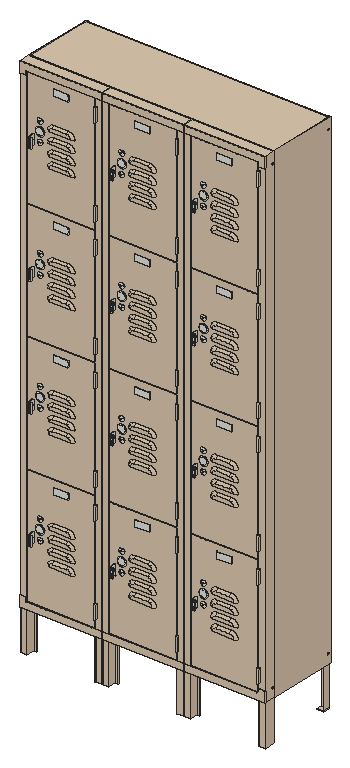
Revit family "Metal_Lockers-Salsbury_Industries-64000_Series-3_Wide_Units", category Specialty Equipment, Revit 2016 (continued)
Definition of nested family "Metal Locker Zee Base-Left Side"
  Dimensions and locks (in)
    locked: plane 4 "Floor" to plane 9 "Bottom Edge of Enclosure" at 0.06
    aligned and locked: level to plane 2
    aligned and locked: plane 10 "Left Edge of Base" to Extrusion 1
  Automatic sketch dimensions
    plane 8 "Right Edge of Enclosure" to Extrusion 1 sketch curve = 0.000"
    Extrusion 1 sketch curve to plane 6 "Right Side of Unit" = 0.000"  (x2)
    plane 7 "Left Edge of Enclosure" to Extrusion 1 sketch curve = 0.000"
    Extrusion 1 sketch curve to plane 10 "Left Edge of Base" = 0.000"
    Extrusion 1 sketch curve to Extrusion 1 sketch curve = 0.060"
    plane 7 "Left Edge of Enclosure" to Extrusion 1 sketch curve = 0.060"
    plane 10 "Left Edge of Base" to Extrusion 1 sketch curve = 0.060"
    plane 5 "Top of Enclosure" to Extrusion 2 sketch curve = 0.000"
    Extrusion 2 sketch curve to Extrusion 2 sketch curve = 0.060"
    Extrusion 2 sketch curve to plane 7 "Left Edge of Enclosure" = 1.24133"
    plane 8 "Right Edge of Enclosure" to Extrusion 2 sketch curve = 1.250"
Definition of nested family "Metal Locker Zee Base Corner"
  Parameters (values of type "77572, 77575, 77578")
    Width = 2.000"
    Visible = yes
    Version = "1.0 (11/30/15)"
    Type Comments = "Zee Base Kit for Standard Metal Lockers - No Legs"
    Primary Structure Material = none
    Model = "n/a"
    Manufacturer = "Salsbury Industries"
    Height = 3.940"
    Description = "4\" H x 6' L - for 12\" Deep Lockers (Includes 6 Foot Front Base, 2 End Bases, Corner Splicer and 4 Rear Legs)"
    Depth = 2.000"
  Types (2): name | Visible
    77572, 77575, 77578 | yes
    None | no
  Reference planes (in)
    plane 1 "Center (Front/Back)": y = 0
    plane 2 "Bottom of Component": z = 0
    plane 3 "Center (Left/Right)": x = 0
    plane 4: z = 3.94
    plane 5: x = -1
    plane 6: x = 1
    plane 7 "Front": y = -1
    plane 8 "Back": y = 1
  Forms (in)
    Extrusion 1, solid, material <- "Primary Structure Material", visible <- "Visible"
      sketch origin (0, 0, 0) x (1, 0, 0) y (0, 1, 0)
        loop
          line (-1, 1) -> (-1, 0.94) -> (0.94, 0.94) -> (0.94, -1) -> (1, -1) -> (1, 1) -> (-1, 1)
      from 0 to 3.94
  Dimensions and locks (in)
    "Height": plane 4 to plane 2 "Bottom of Component"
    equal spacing: plane 5, plane 3 "Center (Left/Right)", plane 6
    "Width": plane 5 to plane 6
    equal spacing: plane 7 "Front", plane 1 "Center (Front/Back)", plane 8 "Back"
    "Depth": plane 7 "Front" to plane 8 "Back"
    aligned and locked: plane 2 "Bottom of Component" to level
  Automatic sketch dimensions
    Extrusion 1 sketch curve to plane 5 = 0.000"
    plane 7 "Front" to Extrusion 1 sketch curve = 0.000"
    Extrusion 1 sketch curve to plane 6 = 0.000"
    plane 8 "Back" to Extrusion 1 sketch curve = 0.000"
    plane 6 to Extrusion 1 sketch curve = 0.060"
    Extrusion 1 sketch curve to Extrusion 1 sketch curve = 0.060"
Definition of nested family "Metal Locker End Panel"
  Parameters (values of type "77362 - for 6' H x 12" D Lockers")
    Width = 0.925"
    Visible = yes
    Version = "1.0 (11/30/15)"
    Type Comments = "Finished End Panel for Standard Metal Lockers"
    Primary Structure Material = none
    Model = "77362"
    MasterFormat Title = ""
    MasterFormat Number = ""
    Manufacturer = "Salsbury Industries"
    Height = 72.000"
    Description = "End Panel for 6' H x 12\" Deep Lockers"
    Depth = 12.010"
    Assembly Code = ""
  Types (7): name | Visible | Model | Height | Description | Depth
    77362 - for 6' H x 12" D Lockers | yes | "77362" | 72.000" | "End Panel for 6' H x 12\" Deep Lockers" | 12.010"
    77365 - for 6' H x 15" D Lockers | yes | "77365" | 72.000" | "End Panel for 6' H x 15\" Deep Lockers" | 15.010"
    77368 - for 6' H X 18" D Lockers | yes | "77368" | 72.000" | "End Panel for 6' H x 18\" Deep Lockers" | 18.010"
    77352 - for 5' H x 12" D Lockers | yes | "77352" | 60.000" | "End Panel for 5' H x 12\" Deep Lockers" | 12.010"
    77355 - for 5' H x 15" D Lockers | yes | "77355" | 60.000" | "End Panel for 5' H x 15\" Deep Lockers" | 15.010"
    77358 - for 5' H x 18" D Lockers | yes | "77358" | 60.000" | "End Panel for 5' H x 18\" Deep Lockers" | 18.010"
    None | no | "n/a" | 72.000" | "" | 12.010"
  Reference planes (in)
    plane 1 "Center (Front/Back)": y = -2.167
    plane 2: z = 0
    plane 3 "Center (Left/Right)": x = -4.595
    plane 4 "Bottom of Panel": z = 0
    plane 5 "Top of Panel": z = 72
    plane 6 "Front of Panel": y = -8.172
    plane 7 "Right Side of Enclosure": x = -4.1325
    plane 8 "Left Side of Enclosure": x = -5.0575
    plane 9 "Back of Panel": y = 3.838
    plane 10: z = 36
    plane 11: z = 70.283
    plane 12: z = 1.717
    plane 13 "Outside Edge of Front Flap": y = -8.23214
    plane 14 "Outside Edge of Back Flap": y = 3.898
  Forms (in)
    Extrusion 1, solid, material <- "Primary Structure Material", visible <- "Visible"
      sketch origin (-4.1325, 0.48244, 0) x (0, 0, -1) y (0, -1, 0)
        loop
          line (-72, 8.71458) -> (-72, -3.41556) -> (0, -3.41556) -> (0, 8.71458) -> (-72, 8.71458)
      from 0 to -0.06
    Extrusion 2, solid, material <- "Primary Structure Material", visible <- "Visible"
      sketch origin (0, 3.838, 0) x (0, 0, -1) y (1, 0, 0)
        loop
          line (-72, -5.0575) -> (0, -5.0575) -> (0, -4.1325) -> (-72, -4.1325) -> (-72, -5.0575)
      from 0 to -0.06
    Extrusion 3, solid, material <- "Primary Structure Material", visible <- "Visible"
      sketch origin (0, -8.172, 0) x (1, 0, 0) y (0, 0, 1)
        loop
          line (-5.0575, 70.283) -> (-5.0575, 1.717) -> (-4.1325, 1.717) -> (-4.1325, 70.283) -> (-5.0575, 70.283)
      from 0.06014 to 0
  Dimensions and locks (in)
    equal spacing: plane 6 "Front of Panel", plane 1 "Center (Front/Back)", plane 9 "Back of Panel"
    "Depth": plane 6 "Front of Panel" to plane 9 "Back of Panel"
    equal spacing: plane 8 "Left Side of Enclosure", plane 3 "Center (Left/Right)", plane 7 "Right Side of Enclosure"
    "Width": plane 8 "Left Side of Enclosure" to plane 7 "Right Side of Enclosure"
    equal spacing: plane 5 "Top of Panel", plane 10, plane 2
    "Height": plane 5 "Top of Panel" to plane 2
    locked: plane 5 "Top of Panel" to plane 11 at 1.717
    locked: plane 13 "Outside Edge of Front Flap" to plane 6 "Front of Panel" at 0.06014
    locked: plane 9 "Back of Panel" to plane 14 "Outside Edge of Back Flap" at 0.06
    aligned and locked: level to plane 2
    aligned and locked: plane 5 "Top of Panel" to Extrusion 1 sketch curve
    aligned and locked: plane 5 "Top of Panel" to Extrusion 2 sketch curve
    aligned and locked: Extrusion 2 to plane 9 "Back of Panel"
    aligned and locked: plane 11 to Extrusion 3 sketch curve
    aligned and locked: plane 6 "Front of Panel" to Extrusion 3
    aligned and locked: plane 14 "Outside Edge of Back Flap" to Extrusion 2
    aligned and locked: Extrusion 1 to plane 14 "Outside Edge of Back Flap"
    aligned and locked: plane 13 "Outside Edge of Front Flap" to Extrusion 3
    aligned and locked: Extrusion 2 to plane 7 "Right Side of Enclosure"
    aligned and locked: Extrusion 3 to plane 7 "Right Side of Enclosure"
  Automatic sketch dimensions
    Extrusion 1 sketch curve to level = 0.000"
    Extrusion 2 sketch curve to level = 0.000"
    plane 8 "Left Side of Enclosure" to Extrusion 2 sketch curve = 0.000"
    plane 7 "Right Side of Enclosure" to Extrusion 2 sketch curve = 0.000"
    plane 8 "Left Side of Enclosure" to Extrusion 3 sketch curve = 0.000"
    Extrusion 3 sketch curve to plane 12 = 0.000"
    plane 7 "Right Side of Enclosure" to Extrusion 3 sketch curve = 0.000"
    Extrusion 1 sketch curve to plane 14 "Outside Edge of Back Flap" = 0.000"
    plane 6 "Front of Panel" to Extrusion 1 sketch curve = 0.06014"
Definition of nested family "Metal Locker Front Filler"
  Parameters (values of type "77869 - for 6' H Lockers (Zee Base or No Legs)")
    Width = 9.000"
    Visible = yes
    Version = "1.0 (11/30/15)"
    Type Comments = "Vertical Front Filler for Standard Metal Lockers"
    Primary Structure Material = none
    Model = "77865"
    MasterFormat Title = ""
    MasterFormat Number = ""
    Manufacturer = "Salsbury Industries"
    Height = 72.000"
    Description = "9\" W Vertical Front Filler for 6' H Lockers"
    Depth = 1.500"
    Assembly Code = ""
  Types (9): name | Width | Visible | Model | Height | Description | Depth
    77865 - for 6' H Lockers with Legs | 15.000" | yes | "77865" | 78.000" | "15\" W Vertical Front Filler for 6' H Lockers" | 1.000"
    77869 - for 6' H Lockers with Legs | 9.000" | yes | "77865" | 78.000" | "9\" W Vertical Front Filler for 6' H Lockers" | 1.000"
    77855 - for 5' H Lockers with Legs | 15.000" | yes | "77855" | 66.000" | "15\" W Vertical Front Filler for 5' H Lockers" | 1.000"
    77859 - for 5' H Lockers with Legs | 9.000" | yes | "77859" | 66.000" | "9\" W Vertical Front Filler for 5' H Lockers" | 1.000"
    None | 15.000" | no | "n/a" | 78.000" | "" | 1.500"
    77865 - for 6' H Lockers (Zee Base or No Legs) | 15.000" | yes | "77865" | 72.000" | "15\" W Vertical Front Filler for 6' H Lockers" | 1.000"
    77869 - for 6' H Lockers (Zee Base or No Legs) | 9.000" | yes | "77865" | 72.000" | "9\" W Vertical Front Filler for 6' H Lockers" | 1.500"
    77859 - for 5' H Lockers (Zee Base or No Legs) | 9.000" | yes | "77859" | 60.000" | "9\" W Vertical Front Filler for 5' H Lockers" | 1.000"
    77855 - for 5' H Lockers (Zee Base or No Legs) | 15.000" | yes | "77855" | 60.000" | "15\" W Vertical Front Filler for 5' H Lockers" | 1.000"
  Reference planes (in)
    plane 1 "Center (Front/Back)": y = -2.167
    plane 2: z = 0
    plane 3 "Center (Left/Right)": x = -4.595
    plane 4 "Bottom of Filler": z = 0
    plane 5 "Top of Panel": z = 72
    plane 6 "Front of Filler": y = -2.917
    plane 7 "Right Side of Filler": x = -0.095
    plane 8 "Left Side of Filler": x = -9.095
    plane 9 "Back of Filler": y = -1.417
    plane 10: z = 36
  Forms (in)
    Extrusion 1, solid, material <- "Primary Structure Material", visible <- "Visible"
      sketch origin (0, 0, 0) x (0, -1, 0) y (1, 0, 0)
        loop
          line (1.417, -9.095) -> (2.917, -9.095) -> (2.917, -1.095) -> (2.869, -1.095) -> (2.869, -9.047) -> (1.417, -9.047) -> (1.417, -9.095)
      from 0 to 72
    Extrusion 2, solid, material <- "Primary Structure Material", visible <- "Visible"
      sketch origin (0, -0.20425, 0) x (0, -1, 0) y (1, 0, 0)
        loop
          line (1.30875, -0.095) -> (1.30875, -0.143) -> (2.76075, -0.143) -> (2.76075, -1.595) -> (2.80875, -1.595) -> (2.80875, -0.095) -> (1.30875, -0.095)
      from 0 to 72
    Extrusion 3, solid, material <- "Primary Structure Material", visible <- "Visible"
      sketch origin (0, 0.10825, 0) x (0, -1, 0) y (1, 0, 0)
        loop
          line (3.07325, -1.595) -> (3.07325, -0.82524) -> (3.02525, -0.82524) -> (3.02525, -1.376) -> (3.02525, -1.449) -> (3.02525, -1.522) -> (3.02525, -1.595) -> (3.07325, -1.595)
      from 0 to 72
    Extrusion 4, solid, material <- "Primary Structure Material", visible <- "Visible"
      sketch origin (0, 0, 0) x (0, -1, 0) y (1, 0, 0)
        loop
          line (2.917, -0.82524) -> (2.821, -0.82524) -> (2.821, -1.80024) -> (2.869, -1.80024) -> (2.869, -0.87324) -> (2.917, -0.87324) -> (2.917, -0.82524)
      from 0 to 72
  Dimensions and locks (in)
    equal spacing: plane 6 "Front of Filler", plane 1 "Center (Front/Back)", plane 9 "Back of Filler"
    "Depth": plane 6 "Front of Filler" to plane 9 "Back of Filler"
    equal spacing: plane 8 "Left Side of Filler", plane 3 "Center (Left/Right)", plane 7 "Right Side of Filler"
    "Width": plane 8 "Left Side of Filler" to plane 7 "Right Side of Filler"
    equal spacing: plane 5 "Top of Panel", plane 10, plane 2
    "Height": plane 5 "Top of Panel" to plane 2
    aligned and locked: level to plane 2
    aligned and locked: Extrusion 1 to plane 5 "Top of Panel"
    aligned and locked: Extrusion 2 to plane 5 "Top of Panel"
    aligned and locked: Extrusion 3 to plane 5 "Top of Panel"
    aligned and locked: Extrusion 4 to plane 5 "Top of Panel"
  Automatic sketch dimensions
    plane 9 "Back of Filler" to Extrusion 1 sketch curve = 0.000"
    plane 6 "Front of Filler" to Extrusion 1 sketch curve = 0.000"
    Extrusion 1 sketch curve to plane 8 "Left Side of Filler" = 0.000"
    Extrusion 1 sketch curve to plane 6 "Front of Filler" = 0.048"
    Extrusion 1 sketch curve to Extrusion 1 sketch curve = 0.048"
    plane 7 "Right Side of Filler" to Extrusion 1 sketch curve = 1.000"
    Extrusion 2 sketch curve to plane 7 "Right Side of Filler" = 0.000"
    plane 7 "Right Side of Filler" to Extrusion 2 sketch curve = 0.048"
    plane 9 "Back of Filler" to Extrusion 2 sketch curve = 0.096"
    plane 6 "Front of Filler" to Extrusion 2 sketch curve = 0.048"
    Extrusion 2 sketch curve to Extrusion 2 sketch curve = 0.048"
    Extrusion 2 sketch curve to Extrusion 2 sketch curve = 1.452"
    plane 6 "Front of Filler" to Extrusion 3 sketch curve = 0.000"
    plane 7 "Right Side of Filler" to Extrusion 3 sketch curve = 1.500"
    Extrusion 3 sketch curve to Extrusion 3 sketch curve = 0.073"  (x3)
    Extrusion 3 sketch curve to Extrusion 3 sketch curve = 0.55076"
    Extrusion 3 sketch curve to Extrusion 3 sketch curve = 0.048"
    plane 6 "Front of Filler" to Extrusion 4 sketch curve = 0.000"
    Extrusion 4 sketch curve to plane 6 "Front of Filler" = 0.048"
    Extrusion 4 sketch curve to Extrusion 4 sketch curve = 0.048"  (x2)
    plane 7 "Right Side of Filler" to Extrusion 4 sketch curve = 1.70524"
    plane 7 "Right Side of Filler" to Extrusion 4 sketch curve = 0.77824"
Definition of nested family "Metal Locker Flat Top Filler"
  Parameters (values of type "77842 - for 12" Deep Lockers (15" W)")
    Width = 16.250"
    Visible = yes
    Version = "1.0 (11/30/15)"
    Type Comments = "Flat Top Filler for Standard Metal Lockers"
    Primary Structure Material = none
    Model = "77842"
    MasterFormat Title = ""
    MasterFormat Number = ""
    Manufacturer = "Salsbury Industries"
    Height = 1.003"
    Description = "15\"W Flat Top In-Line Filler"
    Depth = 12.118"
    Assembly Code = ""
  Types (7): name | Width | Visible | Model | Depth
    77842 - for 12" Deep Lockers (15" W) | 16.250" | yes | "77842" | 12.118"
    77842 - for 12" Deep Lockers (9" W) | 10.250" | yes | "77842" | 12.118"
    77845 - for 15" Deep Lockers (15" W) | 16.250" | yes | "77845" | 15.118"
    77845 - for 15" Deep Lockers (9" W) | 10.250" | yes | "77845" | 15.118"
    77848 - for 18" Deep Lockers (15" W) | 16.250" | yes | "77848" | 18.118"
    77848 - for 18" Deep Lockers (9" W) | 10.250" | yes | "77848" | 18.118"
    None | 16.250" | no | "" | 12.118"
  Reference planes (in)
    plane 1 "Center (Front/Back)": y = -2.167
    plane 2: z = 0
    plane 3 "Center (Left/Right)": x = -4.595
    plane 4 "Bottom of Panel": z = 0
    plane 5 "Top of Panel": z = 1.003
    plane 6 "Front of Panel": y = -8.226
    plane 7 "Right Side of Enclosure": x = 3.53
    plane 8 "Left Side of Enclosure": x = -12.72
    plane 9 "Back of Panel": y = 3.892
    plane 10: z = 0.5015
  Forms (in)
    Extrusion 1, solid, material <- "Primary Structure Material", visible <- "Visible"
      sketch origin (-4.595, 0, 0) x (0, 1, 0) y (0, 0, 1)
        loop
          line (-8.226, 0) -> (-8.178, 0) -> (-8.178, 0.955) -> (3.892, 0.955) -> (3.892, 1.003) -> (-8.226, 1.003) -> (-8.226, 0)
      from -8.125 to 8.125
  Dimensions and locks (in)
    equal spacing: plane 6 "Front of Panel", plane 1 "Center (Front/Back)", plane 9 "Back of Panel"
    "Depth": plane 6 "Front of Panel" to plane 9 "Back of Panel"
    equal spacing: plane 8 "Left Side of Enclosure", plane 3 "Center (Left/Right)", plane 7 "Right Side of Enclosure"
    "Width": plane 8 "Left Side of Enclosure" to plane 7 "Right Side of Enclosure"
    equal spacing: plane 5 "Top of Panel", plane 10, plane 2
    "Height": plane 5 "Top of Panel" to plane 2
    aligned and locked: level to plane 2
    aligned and locked: Extrusion 1 to plane 7 "Right Side of Enclosure"
    aligned and locked: plane 8 "Left Side of Enclosure" to Extrusion 1
    aligned and locked: plane 6 "Front of Panel" to Extrusion 1
    aligned and locked: Extrusion 1 to plane 9 "Back of Panel"
  Automatic sketch dimensions
    plane 5 "Top of Panel" to Extrusion 1 sketch curve = 0.000"
    Extrusion 1 sketch curve to plane 6 "Front of Panel" = 0.000"
    Extrusion 1 sketch curve to level = 0.000"
    Extrusion 1 sketch curve to plane 9 "Back of Panel" = 0.000"
    Extrusion 1 sketch curve to plane 6 "Front of Panel" = 0.048"
    plane 5 "Top of Panel" to Extrusion 1 sketch curve = 0.048"
Definition of nested family "Metal Locker Flat Corner Filler"
  Parameters (values of type "77832 - for 12" Deep Lockers")
    Width = 12.625"
    Visible = yes
    Version = "1.0 (11/30/15)"
    Type Comments = "Flat Top Corner Filler for Standard Metal Lockers"
    Primary Structure Material = none
    Model = "77832"
    MasterFormat Title = ""
    MasterFormat Number = ""
    Manufacturer = "Salsbury Industries"
    Height = 0.048"
    Description = "12\"W Flat Top Corner Filler"
    Depth = 12.625"
    Assembly Code = ""
  Types (4): name | Width | Visible | Model | Description | Depth
    77832 - for 12" Deep Lockers | 12.625" | yes | "77832" | "12\"W Flat Top Corner Filler" | 12.625"
    77835 - for 15" Deep Lockers | 15.625" | yes | "77835" | "15\"W Flat Top Corner Filler" | 15.625"
    77838 - for 18" Deep Lockers | 18.625" | yes | "77838" | "18\"W Flat Top Corner Filler" | 18.625"
    None | 12.625" | no | "" | "" | 12.625"
  Reference planes (in)
    plane 1 "Center (Front/Back)": y = -2.167
    plane 2: z = 0
    plane 3 "Center (Left/Right)": x = -4.595
    plane 4 "Bottom of Panel": z = 0
    plane 5 "Top of Panel": z = 0.048
    plane 6 "Front of Panel": y = -8.4795
    plane 7 "Right Side of Enclosure": x = 1.7175
    plane 8 "Left Side of Enclosure": x = -10.9075
    plane 9 "Back of Panel": y = 4.1455
    plane 10: z = 0.024
  Forms (in)
    Extrusion 1, solid, material <- "Primary Structure Material", visible <- "Visible"
      sketch origin (0, 0, 0) x (0, -1, 0) y (1, 0, 0)
        loop
          line (7.8545, -10.9075) -> (7.8545, -10.2825) -> (8.4795, -10.2825) -> (8.4795, 1.7175) -> (-4.1455, 1.7175) -> (-4.1455, -10.9075) -> (7.8545, -10.9075)
      from 0 to 0.048
  Dimensions and locks (in)
    equal spacing: plane 6 "Front of Panel", plane 1 "Center (Front/Back)", plane 9 "Back of Panel"
    "Depth": plane 6 "Front of Panel" to plane 9 "Back of Panel"
    equal spacing: plane 8 "Left Side of Enclosure", plane 3 "Center (Left/Right)", plane 7 "Right Side of Enclosure"
    "Width": plane 8 "Left Side of Enclosure" to plane 7 "Right Side of Enclosure"
    equal spacing: plane 5 "Top of Panel", plane 10, plane 2
    "Height": plane 5 "Top of Panel" to plane 2
    aligned and locked: level to plane 2
    aligned and locked: Extrusion 1 to plane 9 "Back of Panel"
    aligned and locked: plane 6 "Front of Panel" to Extrusion 1
    aligned and locked: Extrusion 1 to plane 7 "Right Side of Enclosure"
    aligned and locked: plane 8 "Left Side of Enclosure" to Extrusion 1
  Automatic sketch dimensions
    Extrusion 1 sketch curve to plane 8 "Left Side of Enclosure" = 0.000"
    plane 9 "Back of Panel" to Extrusion 1 sketch curve = 0.000"
    plane 6 "Front of Panel" to Extrusion 1 sketch curve = 0.000"
    Extrusion 1 sketch curve to plane 7 "Right Side of Enclosure" = 0.000"
    Extrusion 1 sketch curve to plane 8 "Left Side of Enclosure" = 0.625"
    Extrusion 1 sketch curve to plane 6 "Front of Panel" = 0.625"
Definition of nested family "Metal Locker Sloping Top Filler"
  Parameters (values of type "77882 - for 12" Deep Lockers (15" W)")
    Width = 16.250"
    Visible = yes
    Version = "1.0 (11/30/15)"
    Type Comments = "Sloping Hood In-Line Filler for Standard Metal Lockers"
    Slope Angle = 28.761°
    Primary Structure Material = none
    Model = "77882"
    MasterFormat Title = ""
    MasterFormat Number = ""
    Manufacturer = "Salsbury Industries"
    Height = 1.003"
    Description = "15\"W Sloping Hood In-Line Filler"
    Depth = 12.118"
    Assembly Code = ""
  Types (7): name | Width | Visible | Type Comments | Slope Angle | Model | Description | Depth
    77882 - for 12" Deep Lockers (15" W) | 16.250" | yes | "Sloping Hood In-Line Filler for Standard Metal Lockers" | 28.761° | "77882" | "15\"W Sloping Hood In-Line Filler" | 12.118"
    77882 - for 12" Deep Lockers (9" W) | 10.250" | yes | "Sloping Hood In-Line Filler for Standard Metal Lockers" | 28.761° | "77882" | "15\"W Sloping Hood In-Line Filler" | 12.118"
    77885 - for 15" Deep Lockers (15" W) | 16.250" | yes | "Sloping Hood In-Line Filler for Standard Metal Lockers" | 29.946° | "77885" | "15\"W Sloping Hood In-Line Filler" | 15.118"
    77885 - for 15" Deep Lockers (9" W) | 10.250" | yes | "Sloping Hood In-Line Filler for Standard Metal Lockers" | 29.946° | "77885" | "15\"W Sloping Hood In-Line Filler" | 15.118"
    77888 - for 18" Deep Lockers (15" W) | 16.250" | yes | "Sloping Hood In-Line Filler for Standard Metal Lockers" | 30.723° | "77888" | "15\"W Sloping Hood In-Line Filler" | 18.118"
    77888 - for 18" Deep Lockers (9" W) | 10.250" | yes | "Sloping Hood In-Line Filler for Standard Metal Lockers" | 30.723° | "77888" | "15\"W Sloping Hood In-Line Filler" | 18.118"
    None | 16.250" | no | "Sloping Hood for Standard Metal Lockers" | 28.761° | "" | "" | 12.118"
  Reference planes (in)
    plane 1 "Center (Front/Back)": y = -2.167
    plane 2: z = 0
    plane 3 "Center (Left/Right)": x = -4.595
    plane 4 "Bottom of Panel": z = 0
    plane 5 "Top of Panel": z = 1.003
    plane 6 "Front of Panel": y = -8.226
    plane 7 "Right Side of Enclosure": x = 3.53
    plane 8 "Left Side of Enclosure": x = -12.72
    plane 9 "Back of Panel": y = 3.892
    plane 10: z = 0.5015
    plane 11: through (0, -7.6072, 0.33964) normal (0, -0.4812, 0.8766)
    plane 12: through (0, -7.72698, 0.21914) normal (0, -0.4812, 0.8766)
  Forms (in)
    Extrusion 1, solid, material <- "Primary Structure Material", visible <- "Visible"
      sketch origin (-4.595, 0, 0) x (0, 1, 0) y (0, 0, 1)
        loop
          line (3.892, 6.65119) -> (-8.226, 0) -> (-8.226, -1.028) -> (-8.178, -1.028) -> (-8.178, -0.02841) -> (3.892, 6.59643) -> (3.892, 6.65119)
      from -8.125 to 8.125
  Dimensions and locks (in)
    equal spacing: plane 6 "Front of Panel", plane 1 "Center (Front/Back)", plane 9 "Back of Panel"
    "Depth": plane 6 "Front of Panel" to plane 9 "Back of Panel"
    equal spacing: plane 8 "Left Side of Enclosure", plane 3 "Center (Left/Right)", plane 7 "Right Side of Enclosure"
    "Width": plane 8 "Left Side of Enclosure" to plane 7 "Right Side of Enclosure"
    equal spacing: plane 5 "Top of Panel", plane 10, plane 2
    "Height": plane 5 "Top of Panel" to plane 2
    locked: plane 11 to plane 12 at 0.048
    "Slope Angle": angle plane 4 "Bottom of Panel" to plane 11
    aligned and locked: level to plane 2
    aligned and locked: plane 11 to Extrusion 1 sketch curve
    aligned and locked: plane 12 to Extrusion 1 sketch curve
    aligned and locked: Extrusion 1 to plane 7 "Right Side of Enclosure"
    aligned and locked: plane 8 "Left Side of Enclosure" to Extrusion 1
  Automatic sketch dimensions
    Extrusion 1 sketch curve to plane 6 "Front of Panel" = 0.000"
    Extrusion 1 sketch curve to Extrusion 1 sketch curve = 0.99959"
    Extrusion 1 sketch curve to level = 0.02841"
    Extrusion 1 sketch curve to plane 9 "Back of Panel" = 0.000"
Definition of nested family "Metal Locker Sloping Corner Filler"
  Parameters (values of type "77872 - for 12" Deep Lockers")
    Width = 12.695"
    Visible = yes
    Version = "1.0 (11/30/15)"
    Type Comments = "Sloping Hood Corner Filler for Standard Metal Lockers"
    Slope Angle 2 = 28.761°
    Slope Angle 1 = 28.761°
    Primary Structure Material = none
    Model = "77872"
    MasterFormat Title = ""
    MasterFormat Number = ""
    Manufacturer = "Salsbury Industries"
    Height = 6.87897"
    Description = "12\"D Sloping Hood Corner Filler"
    Depth = 12.695"
    Assembly Code = ""
  Types (4): name | Width | Visible | Slope Angle 2 | Slope Angle 1 | Model | Description | Depth
    77872 - for 12" Deep Lockers | 12.695" | yes | 28.761° | 28.761° | "77872" | "12\"D Sloping Hood Corner Filler" | 12.695"
    77875 - for 15" Deep Lockers | 15.695" | yes | 29.946° | 29.946° | "77875" | "15\"D Sloping Hood Corner Filler" | 15.695"
    77878 - for 18" Deep Lockers | 18.695" | yes | 30.723° | 30.723° | "77878" | "18\"D Sloping Hood Corner Filler" | 18.695"
    None | 12.695" | no | 28.723° | 28.723° | "" | "" | 12.695"
  Reference planes (in)
    plane 1 "Center (Front/Back)": y = -2.167
    plane 2: z = 0
    plane 3 "Center (Left/Right)": x = -4.595
    plane 4 "Bottom of Panel": z = 0
    plane 5 "Top of Panel": z = 6.87897
    plane 6 "Front of Panel": y = -8.5145
    plane 7 "Right Side of Enclosure": x = 1.7525
    plane 8 "Left Side of Enclosure": x = -10.9425
    plane 9 "Back of Panel": y = 4.1805
    plane 10 "Center Top/Bottom": z = 3.43948
    plane 11 "Slope 1": through (0, -7.42276, 0.59922) normal (0, -0.4812, 0.8766)
    plane 12: through (0, -7.54254, 0.47872) normal (0, -0.4812, 0.8766)
    plane 13 "Diagonal Plane": through (-10.86131, 4.09969, 48) normal (0.7071, 0.7071, 0)
    plane 14 "Cutout Plane 1": y = -7.8895
    plane 15 "Cutout Plane 2": x = 1.1275
    plane 16 "Slope 2": through (1.43902, -180, 0.17206) normal (-0.4812, 0, -0.8766)
    plane 17: through (5.04554, -180, -1.86199) normal (-0.4812, 0, -0.8766)
  Forms (in)
    Extrusion 1, solid, material <- "Primary Structure Material", visible <- "Visible"
      sketch origin (-4.595, 0, 0) x (0, 1, 0) y (0, 0, 1)
        loop
          line (-7.8895, 0.28829) -> (4.1805, 6.91313) -> (4.1805, 6.96789) -> (-7.8895, 0.34304) -> (-7.8895, 0.28829)
      from -6.3475 to 6.3475
    Extrusion 2, void
      sketch origin (0, 0, 3.43948) x (1, 0, 0) y (0, 1, 0)
        loop
          line (1.75288, -8.5145) -> (-10.9425, 4.18088) -> (-10.9425, -8.5145) -> (1.75288, -8.5145)
      from -3.43948 to 8.2673
    Extrusion 3, solid, material <- "Primary Structure Material", visible <- "Visible"
      sketch origin (0, -2.167, 0) x (1, 0, 0) y (0, 0, 1)
        loop
          line (1.1275, 0.2885) -> (1.1275, 0.34304) -> (-10.9425, 6.96789) -> (-10.9425, 6.91334) -> (1.1275, 0.2885)
      from -6.3475 to 6.3475
    Extrusion 4, void
      sketch origin (-4.595, 0, 0) x (0, 1, 0) y (0, 0, 1)
        loop
          line (4.1805, 0) -> (4.1805, 6.91313) -> (-8.41474, 0) -> (4.1805, 0)
      from -6.3475 to 6.3475
    Extrusion 5, solid, not visible
      sketch origin (1.1275, 0, 0) x (0, -1, 0) y (0, 0, 1)
        loop
          line (8.60982, 0.2885) -> (7.8895, 0.2885) -> (7.8895, 0) -> (8.60982, 0) -> (8.60982, 0.2885)
      from -0.72026 to 0
  Cuts and joins
    Extrusion 2, Extrusion 4 cuts Extrusion 1
    Extrusion 4 cuts Extrusion 3
  Dimensions and locks (in)
    equal spacing: plane 6 "Front of Panel", plane 1 "Center (Front/Back)", plane 9 "Back of Panel"
    "Depth": plane 6 "Front of Panel" to plane 9 "Back of Panel"
    equal spacing: plane 8 "Left Side of Enclosure", plane 3 "Center (Left/Right)", plane 7 "Right Side of Enclosure"
    "Width": plane 8 "Left Side of Enclosure" to plane 7 "Right Side of Enclosure"
    equal spacing: plane 5 "Top of Panel", plane 10 "Center Top/Bottom", plane 2
    "Height": plane 5 "Top of Panel" to plane 2
    locked: plane 11 "Slope 1" to plane 12 at 0.048
    locked: plane 15 "Cutout Plane 2" to plane 7 "Right Side of Enclosure" at 0.625
    locked: plane 6 "Front of Panel" to plane 14 "Cutout Plane 1" at 0.625
    locked: plane 17 to plane 16 "Slope 2" at 0.04782
    "Slope Angle 1": angle plane 4 "Bottom of Panel" to plane 11 "Slope 1"
    "Slope Angle 2": angle plane 16 "Slope 2" to plane 4 "Bottom of Panel"
    aligned and locked: level to plane 2
    aligned and locked: Extrusion 1 sketch curve to plane 14 "Cutout Plane 1"
    aligned and locked: plane 9 "Back of Panel" to Extrusion 1 sketch curve
    aligned and locked: Extrusion 1 sketch curve to plane 11 "Slope 1"
    aligned and locked: plane 12 to Extrusion 1 sketch curve
    aligned and locked: plane 8 "Left Side of Enclosure" to Extrusion 1
    aligned and locked: Extrusion 1 to plane 7 "Right Side of Enclosure"
    aligned and locked: plane 6 "Front of Panel" to Extrusion 2 sketch curve
    aligned and locked: plane 8 "Left Side of Enclosure" to Extrusion 2 sketch curve
    aligned and locked: plane 13 "Diagonal Plane" to Extrusion 2 sketch curve
    aligned and locked: plane 4 "Bottom of Panel" to cut or joined group of Extrusion 1, Extrusion 2, Extrusion 4
    aligned and locked: Extrusion 4 sketch curve to level
    aligned and locked: Extrusion 4 sketch curve to plane 9 "Back of Panel"
    aligned and locked: plane 12 to Extrusion 4 sketch curve
    aligned and locked: Extrusion 4 to plane 7 "Right Side of Enclosure"
    aligned and locked: plane 8 "Left Side of Enclosure" to Extrusion 4
    aligned and locked: cut or joined group of Extrusion 3, Extrusion 4 to plane 15 "Cutout Plane 2"
    aligned and locked: plane 6 "Front of Panel" to cut or joined group of Extrusion 3, Extrusion 4
    aligned and locked: cut or joined group of Extrusion 3, Extrusion 4 to plane 9 "Back of Panel"
    aligned and locked: Extrusion 3 sketch curve to plane 15 "Cutout Plane 2"
    aligned and locked: Extrusion 3 sketch curve to plane 16 "Slope 2"
    aligned and locked: plane 8 "Left Side of Enclosure" to Extrusion 3 sketch curve
    aligned and locked: plane 17 to Extrusion 3 sketch curve
  Automatic sketch dimensions
    Extrusion 5 sketch curve to plane 14 "Cutout Plane 1" = 0.000"
    Extrusion 5 sketch curve to level = 0.000"
    plane 6 "Front of Panel" to Extrusion 5 sketch curve = 0.09532"
    Extrusion 5 sketch curve to Extrusion 5 sketch curve = 0.2885"
Definition of nested family "Metal Locker Sloping Hood"
  Parameters (values of type "77752 - for 12" Deep Lockers (1 Wide)")
    Width = 12.040"
    Visible = yes
    Version = "1.0 (11/30/15)"
    Type Comments = "Sloping Hood for Standard Metal Lockers"
    Slope Angle = 28.761°
    Primary Structure Material = none
    Model = "77752"
    MasterFormat Title = ""
    MasterFormat Number = ""
    Manufacturer = "Salsbury Industries"
    Height = 6.625"
    Dividing Lines = no
    Description = "12\" Deep for up to (3) 12\" Wide Lockers"
    Depth = 12.070"
    Assembly Code = ""
  Types (12): name | Width | Visible | Slope Angle | Model | Height | Dividing Lines | Description | Depth
    77752 - for 12" Deep Lockers (1 Wide) | 12.040" | yes | 28.761° | "77752" | 6.625" | no | "12\" Deep for up to (3) 12\" Wide Lockers" | 12.070"
    77752 - for 12" Deep Lockers (3 Wide) | 36.040" | yes | 28.761° | "77752" | 6.625" | yes | "12\" Deep for up to (3) 12\" Wide Lockers" | 12.070"
    77755 - for 15" Deep Lockers (1 Wide) | 12.040" | yes | 29.946° | "77755" | 8.682" | no | "15\" Deep for up to (3) 12\" Wide Lockers" | 15.070"
    77755 - for 15" Deep Lockers (3 Wide) | 36.040" | yes | 29.946° | "77755" | 8.628" | yes | "15\" Deep for up to (3) 12\" Wide Lockers" | 15.070"
    77758 - for 18" Deep Lockers (1 Wide) | 12.040" | yes | 30.723° | "77758" | 10.739" | no | "18\" Deep for up to (3) 12\" Wide Lockers" | 18.070"
    77758 - for 18" Deep Lockers (3 Wide) | 36.040" | yes | 30.723° | "77758" | 10.739" | yes | "18\" Deep for up to (3) 12\" Wide Lockers" | 18.070"
    None | 12.000" | no | 28.761° | "" | 6.625" | no | "" | 12.070"
    77765 - for 15" Deep Lockers (1 Wide) | 15.040" | yes | 29.946° | "77752" | 6.625" | no | "12\" Deep for up to (3) 12\" Wide Lockers" | 15.070"
    77768 - for 18" Deep Lockers (1 Wide) | 15.040" | yes | 30.723° | "77752" | 6.625" | no | "12\" Deep for up to (3) 12\" Wide Lockers" | 18.070"
    77765 - for 15" Deep Lockers (3 Wide) | 45.040" | yes | 29.946° | "77752" | 6.625" | yes | "12\" Deep for up to (3) 12\" Wide Lockers" | 15.070"
    77768 - for 18" Deep Lockers (3 Wide) | 45.040" | yes | 30.723° | "77752" | 6.625" | yes | "12\" Deep for up to (3) 12\" Wide Lockers" | 18.070"
    77759 - for 18" Deep Bridge Lockers | 72.040" | yes | 30.723° | "77752" | 6.625" | no | "12\" Deep for up to (3) 12\" Wide Lockers" | 18.070"
  Reference planes (in)
    plane 1 "Center (Front/Back)": y = -2.167
    plane 2: z = 0
    plane 3 "Center (Left/Right)": x = -4.595
    plane 4 "Bottom of Panel": z = 0
    plane 5 "Top of Panel": z = 6.625
    plane 6 "Front of Panel": y = -8.202
    plane 7 "Right Side of Enclosure": x = 1.425
    plane 8 "Left Side of Enclosure": x = -10.615
    plane 9 "Back of Panel": y = 3.868
    plane 10: z = 3.3125
    plane 11: through (0, -7.81601, 0.21186) normal (0, -0.4812, 0.8766)
    plane 12: through (0, -7.94397, 0.10626) normal (0, -0.4812, 0.8766)
    plane 13: y = 3.837
    plane 14: y = 3.806
    plane 15: y = 3.775
    plane 16: y = 3.37433
    plane 17 "Divider 1": x = -6.60167
    plane 18 "Divider 2": x = -2.58833
  Forms (in)
    Extrusion 1, solid, material <- "Primary Structure Material", visible <- "Visible"
      sketch origin (1.425, 0, 0) x (0, 0, -1) y (0, -1, 0)
        loop
          line (-6.62484, -3.868) -> (0, -3.868) -> (0, 8.202) -> (-6.62484, -3.868)
      from 0 to 0.031
    Extrusion 2, solid, material <- "Primary Structure Material", visible <- "Visible"
      sketch origin (1.425, 0, 0) x (0, 0, -1) y (0, -1, 0)
        loop
          line (0, -3.868) -> (0, -3.837) -> (-6.60783, -3.837) -> (-6.62484, -3.868) -> (0, -3.868)
      from 0.03098 to 0.40598
    Extrusion 3, solid, material <- "Primary Structure Material", visible <- "Visible"
      sketch origin (1.425, 0, 0) x (0, 0, -1) y (0, -1, 0)
        loop
          line (0, -3.837) -> (0, 8.13757) -> (-0.031, 8.08109) -> (-0.031, -3.837) -> (0, -3.837)
      from 0.031 to 0.80198
    Extrusion 4, solid, material <- "Primary Structure Material", visible <- "Visible"
      sketch origin (-10.615, 0, 0) x (0, 0, -1) y (0, -1, 0)
        loop
          line (-6.62484, -3.868) -> (0, -3.868) -> (0, 8.202) -> (-6.62484, -3.868)
      from 0 to -0.031
    Extrusion 5, solid, material <- "Primary Structure Material", visible <- "Visible"
      sketch origin (-10.615, 0, 0) x (0, 0, -1) y (0, -1, 0)
        loop
          line (0, -3.868) -> (0, -3.837) -> (-6.60783, -3.837) -> (-6.62484, -3.868) -> (0, -3.868)
      from -0.031 to -0.406
    Extrusion 6, solid, material <- "Primary Structure Material", visible <- "Visible"
      sketch origin (-10.615, 0, 0) x (0, 0, -1) y (0, -1, 0)
        loop
          line (0, -3.837) -> (0, 8.13757) -> (-0.031, 8.08109) -> (-0.031, -3.837) -> (0, -3.837)
      from -0.031 to -0.802
    Extrusion 7, solid, material <- "Primary Structure Material", visible <- "Visible"
      sketch origin (-4.595, 0, 0) x (0, 1, 0) y (0, 0, 1)
        loop
          line (3.837, 6.60783) -> (-8.202, 0) -> (-7.84238, 0) -> (-7.84238, 0.031) -> (-8.08109, 0.031) -> (3.806, 6.55545) -> (3.806, 6.21809) -> (3.837, 6.21809) -> (3.837, 6.60783)
      from -5.989 to 5.989
    Extrusion 8, solid, material <- "Primary Structure Material", visible <- "Visible"
      sketch origin (-4.595, -0.031, 0) x (0, 1, 0) y (0, 0, 1)
        loop
          line (3.837, 0.031) -> (3.837, 6.55545) -> (3.806, 6.53844) -> (3.806, 0.031) -> (3.837, 0.031)
      from -5.989 to 5.989
    Extrusion 9, solid, material <- "Primary Structure Material", visible <- "Visible"
      sketch origin (0, -0.031, 0) x (0, -1, 0) y (1, 0, 0)
        loop
          line (-3.806, -9.75653) -> (-3.40533, -9.75653) -> (-3.40533, 0.56919) -> (-3.806, 0.56919) -> (-3.806, -9.75653)
      from 0.031 to 0.06464
  Lines and regions (in)
    model lines, visible <- "Dividing Lines"
      curve 1: line (-6.60167, -8.21456, -0.0069) -> (-6.60167, 3.868, 6.62484)
      curve 2: line (-2.58833, -8.21456, -0.0069) -> (-2.58833, 3.868, 6.62484)
  Dimensions and locks (in)
    equal spacing: plane 6 "Front of Panel", plane 1 "Center (Front/Back)", plane 9 "Back of Panel"
    "Depth": plane 6 "Front of Panel" to plane 9 "Back of Panel"
    equal spacing: plane 8 "Left Side of Enclosure", plane 17 "Divider 1", plane 18 "Divider 2", plane 7 "Right Side of Enclosure"
    "Width": plane 8 "Left Side of Enclosure" to plane 7 "Right Side of Enclosure"
    equal spacing: plane 5 "Top of Panel", plane 10, plane 2
    "Height": plane 5 "Top of Panel" to plane 2
    locked: plane 11 to plane 12 at 0.031
    plane 16 to plane 15 to plane 14 to plane 13 to plane 9 "Back of Panel" = 0.40067", 0.031", 0.031", 0.031"
    equal spacing: plane 8 "Left Side of Enclosure", plane 3 "Center (Left/Right)", plane 7 "Right Side of Enclosure"
    "Slope Angle": angle plane 4 "Bottom of Panel" to plane 11
    aligned and locked: level to plane 2
    aligned and locked: Extrusion 1 to plane 9 "Back of Panel"
    aligned and locked: plane 4 "Bottom of Panel" to Extrusion 1
    aligned and locked: Extrusion 7 to Extrusion 1
    aligned and locked: Extrusion 7 to Extrusion 4
    aligned and locked: Extrusion 7 to Extrusion 8  (x2)
    aligned and locked: plane 11 to Extrusion 7 sketch curve
    aligned and locked: plane 12 to Extrusion 7 sketch curve
    aligned and locked: plane 12 to Extrusion 8 sketch curve
    aligned and locked: Extrusion 4 sketch curve to plane 11
    aligned and locked: Extrusion 1 sketch curve to plane 11
    aligned and locked: Extrusion 3 sketch curve to plane 12
    aligned and locked: Extrusion 6 sketch curve to plane 12
    aligned and locked: plane 13 to Extrusion 7
    aligned and locked: plane 14 to Extrusion 8
    aligned and locked: plane 15 to Extrusion 8
    aligned and locked: plane 16 to Extrusion 9
    aligned and locked: plane 13 to Extrusion 7 sketch curve
    aligned and locked: Extrusion 7 sketch curve to plane 14
    aligned and locked: plane 13 to Extrusion 2 sketch curve
    aligned and locked: plane 11 to Extrusion 2 sketch curve
    aligned and locked: plane 13 to Extrusion 5 sketch curve
    aligned and locked: plane 11 to Extrusion 5 sketch curve
    aligned and locked: curve 2 to plane 18 "Divider 2"
    aligned and locked: curve 1 to plane 17 "Divider 1"
  Automatic sketch dimensions
    Extrusion 7 sketch curve to level = 0.000"
    level to Extrusion 7 sketch curve = 0.031"
    Extrusion 7 sketch curve to Extrusion 7 sketch curve = 0.23871"
    Extrusion 7 sketch curve to Extrusion 7 sketch curve = 0.33736"
    Extrusion 1 sketch curve to plane 9 "Back of Panel" = 0.000"
    Extrusion 1 sketch curve to level = 0.000"
    Extrusion 2 sketch curve to plane 9 "Back of Panel" = 0.000"
    Extrusion 2 sketch curve to level = 0.000"
    Extrusion 3 sketch curve to plane 13 = 0.000"
    Extrusion 3 sketch curve to level = 0.000"
    level to Extrusion 3 sketch curve = 0.031"
    Extrusion 4 sketch curve to plane 9 "Back of Panel" = 0.000"
    Extrusion 4 sketch curve to level = 0.000"
    Extrusion 5 sketch curve to plane 9 "Back of Panel" = 0.000"
    Extrusion 5 sketch curve to level = 0.000"
    Extrusion 6 sketch curve to plane 13 = 0.000"
    Extrusion 6 sketch curve to level = 0.000"
    Extrusion 6 sketch curve to Extrusion 6 sketch curve = 0.031"
    Extrusion 8 sketch curve to plane 15 = 0.000"
    Extrusion 8 sketch curve to plane 14 = 0.000"
    level to Extrusion 8 sketch curve = 0.031"
    plane 15 to Extrusion 9 sketch curve = 0.000"
    plane 16 to Extrusion 9 sketch curve = 0.000"
    Extrusion 9 sketch curve to plane 8 "Left Side of Enclosure" = 0.85847"
    plane 7 "Right Side of Enclosure" to Extrusion 9 sketch curve = 0.85581"
    curve 1 to plane 9 "Back of Panel" = 0.000"
    plane 11 to curve 1 = 0.000"
    curve 1 to plane 11 = 0.000"
    curve 1 to level = 0.0069"
    curve 2 to plane 9 "Back of Panel" = 0.000"
    plane 11 to curve 2 = 0.000"
    curve 2 to plane 11 = 0.000"
    curve 2 to level = 0.0069"
Types (19): name | Zee Base | Unit Height including Sloping Hood Only | Unit Height | Total Door(s) Height | Sloping Hood Height | Compartment Divider Height | Unit Height including Base Only | Overall Unit Height (including Base and Sloping Hood) | OmniClass 23 Title | Model | Individual Door Height | Individual Door Width | Door Location D1 | Description | Depth | Base Height | Standard Leg Base
  (no name) | Metal Locker Zee Base - 3 Wide : None | 78.625" | 72.000" | 69.81949" | 6.625" | 16.985" | 78.000" | 84.625" | "Equipment and Furnishings" | "64362" | 17.360" | 33.90055" | Metal Locker Doors-12 inch with Latch Hasps : Four Tier Door - 6 foot | "3 Wide - 6 Feet High - 12 Inches Deep" | 12.010" | 6.000" | Metal Locker Legs - 3 Wide : 6" High - 36" W x 12" D
  64362 - with Standard 6" High Legs | Metal Locker Zee Base - 3 Wide : None | 78.625" | 72.000" | 69.81949" | 6.625" | 16.985" | 78.000" | 84.625" | "Equipment and Furnishings" | "64362" | 17.360" | 33.90055" | Metal Locker Doors-12 inch with Latch Hasps : Four Tier Door - 6 foot | "3 Wide - 6 Feet High - 12 Inches Deep" | 12.010" | 6.000" | Metal Locker Legs - 3 Wide : 6" High - 36" W x 12" D
  64365 - with Standard 6" High Legs | Metal Locker Zee Base - 3 Wide : None | 80.682" | 72.000" | 69.81949" | 8.682" | 16.985" | 78.000" | 86.682" | "Equipment and Furnishings" | "64365" | 17.360" | 9.90055" | Metal Locker Doors-12 inch with Latch Hasps : Four Tier Door - 6 foot | "3 Wide - 6 Feet High - 15 Inches Deep" | 15.010" | 6.000" | Metal Locker Legs - 3 Wide : 6" High - 36" W x 15" D
  64368 - with Standard 6" High Legs | Metal Locker Zee Base - 3 Wide : None | 82.739" | 72.000" | 69.81949" | 10.739" | 16.985" | 78.000" | 88.739" | "Equipment and Furnishings" | "64368" | 17.360" | 9.90055" | Metal Locker Doors-12 inch with Latch Hasps : Four Tier Door - 6 foot | "3 Wide - 6 Feet High - 18 Inches Deep" | 18.010" | 6.000" | Metal Locker Legs - 3 Wide : 6" High - 36"W x 18"D
  64362 - with 77572 Zee Base and 77550 Lockers without Legs | Metal Locker Zee Base - 3 Wide : 77572- 36" W x 12" D | 78.625" | 72.000" | 69.81949" | 6.625" | 16.985" | 76.000" | 82.625" | "Equipment and Furnishings" | "64362 with 77572 and 77550" | 17.360" | 9.90055" | Metal Locker Doors-12 inch with Latch Hasps : Four Tier Door - 6 foot | "3 Wide - 6 Feet High - 12 Inches Deep with Zee Base and Lockers without Legs" | 12.010" | 4.000" | Metal Locker Legs - 3 Wide : No Legs
  64365 - with 77575 Zee Base and 77550 Lockers without Legs | Metal Locker Zee Base - 3 Wide : 77575 - 36" W x 15" D | 80.682" | 72.000" | 69.81949" | 8.682" | 16.985" | 76.000" | 84.682" | "Equipment and Furnishings" | "64365 with 77575 and 77550" | 17.360" | 9.90055" | Metal Locker Doors-12 inch with Latch Hasps : Four Tier Door - 6 foot | "3 Wide - 6 Feet High - 15 Inches Deep with Zee Base and Lockers without Legs" | 15.010" | 4.000" | Metal Locker Zee Base - 3 Wide : None
  64368 - with 77578 Zee Base and 77550 Lockers without Legs | Metal Locker Zee Base - 3 Wide : 77578 - 36"W x 18"D | 82.739" | 72.000" | 69.81949" | 10.739" | 16.985" | 76.000" | 86.739" | "Equipment aqnd Furnishings" | "64368 with 77578 and 77550" | 17.360" | 9.90055" | Metal Locker Doors-12 inch with Latch Hasps : Four Tier Door - 6 foot | "3 Wide - 6 Feet High - 18 Inches Deep with Zee Base and Lockers without Legs" | 18.010" | 4.000" | Metal Locker Zee Base - 3 Wide : None
  64362 - with 77550 Lockers without Legs | Metal Locker Zee Base - 3 Wide : None | 78.625" | 72.000" | 69.81949" | 6.625" | 16.985" | 72.000" | 78.625" | "Equipment and Furnishings" | "64362 with 77550" | 17.360" | 9.90055" | Metal Locker Doors-12 inch with Latch Hasps : Four Tier Door - 6 foot | "3 Wide - 6 Feet High - 12 Inches Deep with Lockers without Legs" | 12.010" | 0.000" | Metal Locker Legs - 3 Wide : No Legs
  64365 - with 77550 Lockers without Legs | Metal Locker Zee Base - 3 Wide : None | 80.682" | 72.000" | 69.81949" | 8.682" | 16.985" | 72.000" | 80.682" | "Equipment and Furnishings" | "64365 with 77550" | 17.360" | 9.90055" | Metal Locker Doors-12 inch with Latch Hasps : Four Tier Door - 6 foot | "3 Wide - 6 Feet High - 15 Inches Deep with Lockers without Legs" | 15.010" | 0.000" | Metal Locker Legs - 3 Wide : No Legs
  64368 - with 77550 Lockers without Legs | Metal Locker Zee Base - 3 Wide : None | 82.739" | 72.000" | 69.81949" | 10.739" | 16.985" | 72.000" | 82.739" | "Equipment and Furnishings" | "64368 with 77550" | 17.360" | 9.90055" | Metal Locker Doors-12 inch with Latch Hasps : Four Tier Door - 6 foot | "3 Wide - 6 Feet High - 18 Inches Deep with Lockers without Legs" | 18.010" | 0.000" | Metal Locker Legs - 3 Wide : No Legs
  64352 - with Standard 6" High Legs | Metal Locker Zee Base - 3 Wide : None | 66.625" | 60.000" | 57.81949" | 6.625" | 13.985" | 66.000" | 72.625" | "Equipment and Furnishings" | "64352" | 14.360" | 9.90055" | Metal Locker Doors-12 inch with Latch Hasps : Four Tier Door - 5 foot | "3 Wide - 5 Feet High - 12 Inches Deep" | 12.010" | 6.000" | Metal Locker Legs - 3 Wide : 6" High - 36" W x 12" D
  64352 - with 77572 Zee Base and 77550 Lockers without Legs | Metal Locker Zee Base - 3 Wide : 77572- 36" W x 12" D | 66.625" | 60.000" | 57.81949" | 6.625" | 13.985" | 64.000" | 70.625" | "Equipment and Furnishings" | "64352 with 77572 and 77550" | 14.360" | 9.90055" | Metal Locker Doors-12 inch with Latch Hasps : Four Tier Door - 5 foot | "3 Wide - 5 Feet High - 12 Inches Deep with Zee Base and Lockers without Legs" | 12.010" | 4.000" | Metal Locker Legs - 3 Wide : No Legs
  64352 - with 77550 Lockers without Legs | Metal Locker Zee Base - 3 Wide : None | 66.625" | 60.000" | 57.81949" | 6.625" | 13.985" | 60.000" | 66.625" | "Equipment and Furnishings" | "64352 with 77550" | 14.360" | 9.90055" | Metal Locker Doors-12 inch with Latch Hasps : Four Tier Door - 5 foot | "3 Wide - 5 Feet High - 12 Inches Deep with Lockers without Legs" | 12.010" | 0.000" | Metal Locker Legs - 3 Wide : No Legs
  64355 - with Standard 6" High Legs | Metal Locker Zee Base - 3 Wide : None | 68.682" | 60.000" | 57.81949" | 8.682" | 13.985" | 66.000" | 74.682" | "Equipment and Furnishings" | "64355" | 14.360" | 9.90055" | Metal Locker Doors-12 inch with Latch Hasps : Four Tier Door - 5 foot | "3 Wide - 5 Feet High - 15 Inches Deep" | 15.010" | 6.000" | Metal Locker Legs - 3 Wide : 6" High - 36" W x 15" D
  64355 - with 77575 Zee Base and 77550 Lockers without Legs | Metal Locker Zee Base - 3 Wide : 77575 - 36" W x 15" D | 68.682" | 60.000" | 57.81949" | 8.682" | 13.985" | 64.000" | 72.682" | "Equipment and Furnishings" | "64355 with 77575 and 77550" | 14.360" | 9.90055" | Metal Locker Doors-12 inch with Latch Hasps : Four Tier Door - 5 foot | "3 Wide - 5 Feet High - 15 Inches Deep with Zee Base and Lockers without Legs" | 15.010" | 4.000" | Metal Locker Zee Base - 3 Wide : None
  64355 - with 77550 Lockers without Legs | Metal Locker Zee Base - 3 Wide : None | 68.682" | 60.000" | 57.81949" | 8.682" | 13.985" | 60.000" | 68.682" | "Equipment and Furnishings" | "64365 with 77550" | 14.360" | 9.90055" | Metal Locker Doors-12 inch with Latch Hasps : Four Tier Door - 5 foot | "3 Wide - 5 Feet High - 15 Inches Deep with Lockers without Legs" | 15.010" | 0.000" | Metal Locker Legs - 3 Wide : No Legs
  64358 - with Standard 6" High Legs | Metal Locker Zee Base - 3 Wide : None | 70.739" | 60.000" | 57.81949" | 10.739" | 13.985" | 66.000" | 76.739" | "Equipment and Furnishings" | "64358" | 14.360" | 9.90055" | Metal Locker Doors-12 inch with Latch Hasps : Four Tier Door - 5 foot | "3 Wide - 5 Feet High - 18 Inches Deep" | 18.010" | 6.000" | Metal Locker Legs - 3 Wide : 6" High - 36"W x 18"D
  64358 - with 77578 Zee Base and 77550 Lockers without Legs | Metal Locker Zee Base - 3 Wide : 77578 - 36"W x 18"D | 70.739" | 60.000" | 57.81949" | 10.739" | 13.985" | 64.000" | 74.739" | "Equipment and Furnishings" | "64358 with 77578 and 77550" | 14.360" | 9.90055" | Metal Locker Doors-12 inch with Latch Hasps : Four Tier Door - 5 foot | "3 Wide - 5 Feet High - 18 Inches Deep with Zee Base and Lockers without Legs" | 18.010" | 4.000" | Metal Locker Zee Base - 3 Wide : None
  64358 - with 77550 Lockers without Legs | Metal Locker Zee Base - 3 Wide : None | 70.739" | 60.000" | 57.81949" | 10.739" | 13.985" | 60.000" | 70.739" | "Equipment and Furnishings" | "64358 with 77550" | 14.360" | 9.90055" | Metal Locker Doors-12 inch with Latch Hasps : Four Tier Door - 5 foot | "3 Wide - 5 Feet High - 18 Inches Deep with Lockers without Legs" | 18.010" | 0.000" | Metal Locker Legs - 3 Wide : No Legs
